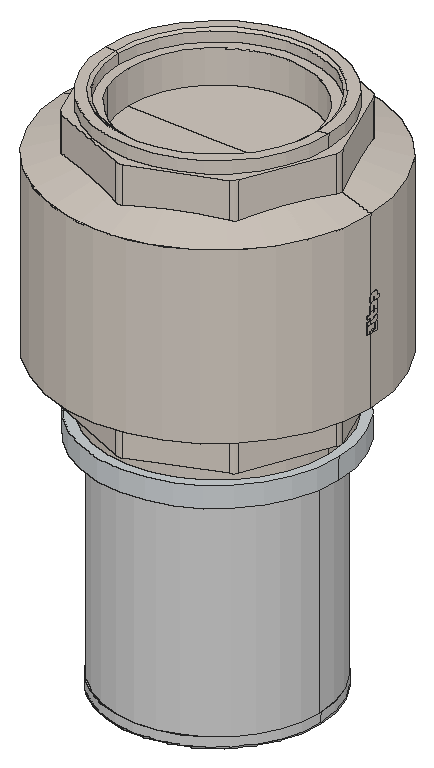
Revit family "105", category Pipe Accessories, Revit 2019
Family settings
  Round Connector Dimension = Use Diameter
  Part Type = Valve - Normal
  OmniClass Number = 23.45.00.00
  OmniClass Title = Sanitary, Laundry, and Cleaning Equipment
  Work Plane-Based = No
  Always vertical = Yes
  Cut with Voids When Loaded = No
  Shared = No
Parameters
  Y [instance] = size_lookup(CSV, "Y", 0 mm, DN)  # 7.2 mm
  X2 [instance] = size_lookup(CSV, "X2", 0 mm, DN)  # 57.5 mm
  X [instance] = size_lookup(CSV, "X", 0 mm, DN)  # 62.5 mm
  Washer = "NBR"  # constant formula
  URL = "https://www.itap.it/en/products/valves/check-and-foot-valves/105/"
  Strainer = "Polymer and stainless steel AISI 304"  # constant formula
  Spring = "Stainless steel AISI 302"  # constant formula
  Plate = "Stainless steel AISI 304"  # constant formula
  Pin = "Brass CW614N"  # constant formula
  Manufacturer = "ITAP S.p.A."  # constant formula
  Model = "105"
  LBS - psi [instance] = size_lookup(CSV, "LBS - psi", 0 mm, DN)  # 174 mm
  L3 [instance] = size_lookup(CSV, "L3", 0 mm, DN)  # 21.3 mm
  L2 [instance] = size_lookup(CSV, "L2", 0 mm, DN)  # 14 mm
  L1 [instance] = size_lookup(CSV, "L1", 0 mm, DN)  # 6.6 mm
  L [instance] = size_lookup(CSV, "L", 0 mm, DN)  # 21 mm
  Kg/cm2 bar [instance] = size_lookup(CSV, "Kg/cm2 bar", 0 mm, DN)  # 12 mm
  H7 [instance] = size_lookup(CSV, "H7", 0 mm, DN)  # 6 mm
  H6 [instance] = size_lookup(CSV, "H6", 0 mm, DN)  # 25 mm
  H5 [instance] = size_lookup(CSV, "H5", 0 mm, DN)  # 165.2 mm
  H4 [instance] = size_lookup(CSV, "H4", 0 mm, DN)  # 6.4 mm
  H3 [instance] = size_lookup(CSV, "H3", 0 mm, DN)  # 33.7 mm
  H2 [instance] = size_lookup(CSV, "H2", 0 mm, DN)  # 6 mm
  H1 [instance] = size_lookup(CSV, "H1", 0 mm, DN)  # 6.6 mm
  H [instance] = size_lookup(CSV, "H", 0 mm, DN)  # 134.4 mm
  G1 [instance] = size_lookup(CSV, "G1", 0 mm, DN)  # 55.3 mm
  D3 [instance] = size_lookup(CSV, "D3", 0 mm, DN)  # 58 mm
  D1 [instance] = D / 1.6  # 85 mm
  Bolt 8 [instance] = if(DN > 41 mm, 2 > 1, 1 > 2)  # yes
  Bolt 6 [instance] = not(Bolt 8)  # no
  Body = Brass CW617N
  End adapter = "Brass CW617N"  # constant formula
  Description = "EUROPA® FOOT VALVE"  # constant formula
  DN [instance] = 100 mm
  D2 [instance] = size_lookup(CSV, "D2", 0 mm, DN)  # 11.5 mm
  D [instance] = size_lookup(CSV, "D", 0 mm, DN)  # 136 mm
  Code [instance] = size_lookup(CSV, "", "-", DN)  # "1050400"
  Cap = "Brass CW614N"  # constant formula
  CSV = "ITAP"
  B2 [instance] = (B / 2) - 0.7 mm  # 85.3 mm
  B1 [instance] = size_lookup(CSV, "B2", 0 mm, DN)  # 128 mm
  B [instance] = size_lookup(CSV, "B", 0 mm, DN)  # 172 mm
  A [instance] = size_lookup(CSV, "A", 0 mm, DN)  # 297 mm
Reference planes
  plane 1 "Centro (Fronte/Retro)": y = 0
  plane 2: z = 0
  plane 3 "Centro (Sinistra/Destra)": x = 0
  plane 4: z = 148.5
  plane 5: z = -148.5
  plane 6: x = -86
  plane 7: x = 86
  plane 8: z = 141.9
  plane 9: z = 120.9
  plane 10: x = -64
  plane 11: x = 64
  plane 12: z = 16.7
  plane 13: z = -4.6
  plane 14: y = -86
  plane 15: y = 86
  plane 16: z = -128.25
  plane 17: z = 116.9
  plane 18: z = 123.5
  plane 19: x = -14.1
  plane 20: z = 20.1
  plane 21: x = -62.5
  plane 22: z = -17
  plane 23: z = -14.857
  plane 24: z = -11
  plane 25: z = -142.5
  plane 26: x = -57.5
  plane 27: x = -58
  plane 28: z = 14.1
  plane 29: z = 68.8
  plane 30: x = 85.3
  plane 31: x = -55.3
  plane 32: x = -50
  plane 33: x = 50
Forms (mm)
  Revolve 1, solid, material "Brass CW617N" <- "Body", detail levels fine
    sketch origin (0, 0, 0) x (1, 0, 0) y (0, 0, 1)
      loop
        line (0, 123.5) -> (-63.7, 123.5) -> (-86, 116.9) -> (-86, 20.1) -> (-63.99, 14.1) -> (0, 14.1) -> (0, 123.5)
      axis (0, 123.5) -> (0, 14.1)
    angle from 0 to 360
  Revolve 2, solid, material "polymer and Stainless steel AISI 304", detail levels fine
    sketch origin (0, 0, 0) x (1, 0, 0) y (0, 0, 1)
      loop
        line (-50, 16.7) -> (-62.5, 16.7) -> (-62.5, -14.857) -> (-57.5, -17) -> (-57.5, -142.5) -> (-50, -142.5) -> (-50, 16.7)
      axis (0, 16.7) -> (0, -142.5)
    angle from 0 to 360
  Extrusion 3, solid, material "Strainer cap", detail levels fine
    sketch origin (-100.521, -1524, 84.363) x (-1, 0, 0) y (0, -1, 0)
      loop
        circle (-100.521, -1524) r 68
      loop
        circle (-100.521, -1524) r 50
    from -95.362 to -106.862
  Revolve 4, solid, material "polymer and Stainless steel AISI 304", detail levels fine
    sketch origin (0, 0, 0) x (1, 0, 0) y (0, 0, 1)
      loop
        line (-50, -142.5) -> (-58, -142.5) -> (-58, -147.461)
        arc (-58, -147.461) -> (-57.696, -148.196) -> (-56.961, -148.5) r 1.039
        line (-56.961, -148.5) -> (-50, -148.5) -> (-50, -142.5)
      axis (0, -148.5) -> (0, -142.5)
    angle from 0 to 360
  Revolve 5, solid, material "Brass CW617N" <- "Body", detail levels fine
    sketch origin (0, 0, 0) x (1, 0, 0) y (0, 0, 1)
      loop
        line (-62.5, 148.5) -> (-62.5, 141.9) -> (-55.3, 141.9) -> (-55.3, 147.294) -> (-56.9, 148.5) -> (-62.5, 148.5)
      axis (0, 148.5) -> (0, 141.9)
    angle from 0 to 360
Lines and regions (mm)
  model lines, detail levels coarse+medium
    curve 1: line (0, -86, 56.9) -> (0, 86, 56.9)
    curve 2: line (0, 0, 63.5) -> (0, 0, 148.5)
    curve 3: line (0, -86, -56.9) -> (0, 86, -56.9)
    curve 4: line (0, -86, -63.5) -> (0, 86, -63.5)
    curve 5: line (0, 0, -63.5) -> (0, 0, -148.5)
    curve 6: line (0, -86, 63.5) -> (0, 86, 63.5)
    curve 7: line (0, -86, 56.9) -> (0, 86, -56.9)
    curve 8: line (0, -86, 56.9) -> (0, -86, -56.9)
    curve 9: line (0, 86, 56.9) -> (0, 86, -56.9)
Dimensions and locks
  equal spacing: plane 7, plane 3 "Centro (Sinistra/Destra)", plane 6
  "B": plane 7 to plane 6
  "A": plane 4 to plane 5
  equal spacing: plane 4, level, plane 5
  "L": plane 8 to plane 9
  equal spacing: plane 11, plane 3 "Centro (Sinistra/Destra)", plane 10
  "B1": plane 11 to plane 10
  "L3": plane 12 to plane 13
  "L1": plane 4 to plane 8
  "D2": Extrusion 3 to Extrusion 3
  equal spacing: plane 14, plane 1 "Centro (Fronte/Retro)", plane 15
  "B": plane 14 to plane 15
  locked: plane 16 to plane 5 at 20.25
  "D1": curve 6 to plane 4
  "L1": curve 1 to curve 6
  "D1": plane 5 to curve 4
  "L1": curve 4 to curve 3
  "H1": plane 18 to plane 17
  locked: plane 23 to plane 22 at 2.143
  "H3": plane 12 to plane 22
  "X": plane 3 "Centro (Sinistra/Destra)" to plane 21
  "H4": plane 13 to plane 24
  "H7": plane 25 to plane 5
  locked: Revolve 4 sketch curve to Revolve 4 sketch curve at 1.469
  "X2": plane 3 "Centro (Sinistra/Destra)" to plane 26
  "D3": plane 3 "Centro (Sinistra/Destra)" to plane 27
  "H2": plane 20 to plane 28
  "H5": plane 12 to plane 5
  "H": plane 4 to plane 28
  "H6": plane 4 to plane 18
  equal spacing: plane 9, plane 29, plane 12
  "B2": plane 3 "Centro (Sinistra/Destra)" to plane 30
  "G1": plane 3 "Centro (Sinistra/Destra)" to plane 31
  "Y": Revolve 5 sketch curve to Revolve 5 sketch curve
  equal spacing: plane 33, plane 3 "Centro (Sinistra/Destra)", plane 32
  "DN": plane 33 to plane 32
  "D": diameter of Extrusion 3 sketch curve
  "DN": diameter of Extrusion 3 sketch curve
  aligned and locked: level to plane 2
  aligned and locked: Revolve 2 sketch curve to plane 3 "Centro (Sinistra/Destra)"
  aligned and locked: Revolve 1 sketch curve to plane 6
  aligned and locked: curve 2 to plane 1 "Centro (Fronte/Retro)"
  aligned and locked: plane 1 "Centro (Fronte/Retro)" to curve 5
  aligned and locked: plane 15 to curve 6
  aligned and locked: plane 14 to curve 6
  aligned and locked: plane 14 to curve 4
  aligned and locked: plane 15 to curve 4
  aligned and locked: plane 5 to curve 5
  aligned and locked: plane 15 to curve 7
  aligned and locked: curve 3 to curve 9
  aligned and locked: curve 8 to plane 14
  aligned and locked: plane 15 to curve 9
  aligned and locked: plane 17 to Revolve 1 sketch curve
  aligned and locked: Revolve 1 sketch curve to plane 20
  aligned and locked: Revolve 2 sketch curve to plane 12
  aligned and locked: Revolve 2 sketch curve to plane 21
  aligned and locked: Extrusion 3 to plane 24
  aligned and locked: plane 25 to Revolve 2 sketch curve
  aligned and locked: plane 25 to Revolve 4 sketch curve
  aligned and locked: plane 26 to Revolve 2 sketch curve
  aligned and locked: plane 27 to Revolve 4 sketch curve
  aligned and locked: Revolve 1 sketch curve to plane 28
  aligned and locked: plane 12 to nested 2
  aligned and locked: plane 8 to nested 1
  aligned and locked: plane 12 to nested 4
  aligned and locked: plane 8 to nested 3
  aligned and locked: plane 29 to nested 5
  aligned and locked: Revolve 1 sketch curve to plane 18
  aligned and locked: Revolve 5 sketch curve to plane 31
  aligned and locked: Revolve 5 sketch curve to plane 4
  aligned and locked: plane 4 to Revolve 5 sketch curve
  aligned and locked: plane 32 to Revolve 4 sketch curve
  aligned and locked: Revolve 2 sketch curve to plane 32
  aligned and locked: plane 7 to nested 5
Automatic sketch dimensions
  curve 2 to plane 4 = 0 mm
  Revolve 1 sketch curve to plane 3 "Centro (Sinistra/Destra)" = 0 mm  (x2)
  Revolve 1 sketch curve to level = 0 mm
  Revolve 1 sketch curve to plane 4 = 0 mm
  plane 10 to Revolve 1 sketch curve = 0.01 mm
  plane 10 to Revolve 1 sketch curve = 0.3 mm
  Revolve 2 sketch curve to plane 5 = 0 mm
  Revolve 2 sketch curve to plane 22 = 0 mm
  Revolve 2 sketch curve to plane 23 = 0 mm
  Revolve 2 sketch curve to plane 13 = 0 mm
  Extrusion 3 sketch curve to Extrusion 3 sketch curve = 0 mm  (x2)
  plane 1 "Centro (Fronte/Retro)" to Extrusion 3 sketch curve = 0 mm
  Extrusion 3 sketch curve to plane 3 "Centro (Sinistra/Destra)" = 0 mm
  Revolve 4 sketch curve to plane 3 "Centro (Sinistra/Destra)" = 0 mm
  Revolve 4 sketch curve to plane 5 = 0 mm
  Revolve 4 sketch curve to plane 5 = 1.116 mm
  Revolve 4 sketch curve to Revolve 4 sketch curve = 3.884 mm
  Revolve 5 sketch curve to plane 3 "Centro (Sinistra/Destra)" = 0 mm
  Revolve 5 sketch curve to plane 8 = 0 mm  (x2)
  Revolve 5 sketch curve to plane 31 = 1.6 mm
  Revolve 5 sketch curve to plane 4 = 1.206 mm
  plane 4 to Revolve 5 sketch curve = 5 mm
Nested families
  nested 1: "BOLT6" at (-65.748, -132.31, 120.9) x (0.866, 0.5, 0) z (0, 0, 1), d <- "B1", H <- "L", visible <- "Bolt 6", body <- "Body", G <- "DN", type "BOLT6", detail levels fine
    with d 128 mm, body Brass CW617N, H 21 mm, G 100 mm
  nested 2: "BOLT6" at (-147.458, -9.216, -4.6) x (0.866, -0.5, 0) z (0, 0, 1), d <- "B1", H <- "L3", visible <- "Bolt 6", body <- "Body", G <- "DN", type "BOLT6", detail levels fine
    with d 128 mm, body Brass CW617N, H 21.3 mm, G 100 mm
  nested 3: "BOLT8" at (-11.355, -58.823, 120.9) x (0.9239, 0.3827, 0) z (0, 0, 1), d <- "B1", H <- "L", visible <- "Bolt 8", Body <- "Body", G <- "DN", type "BOLT8", detail levels fine
    with d 128 mm, H 21 mm, G 100 mm, Body Brass CW617N
  nested 4: "BOLT8" at (-11.355, -58.823, -4.6) x (0.9239, 0.3827, 0) z (0, 0, 1), d <- "B1", H <- "L3", visible <- "Bolt 8", Body <- "Body", G <- "DN", type "BOLT8", detail levels fine
    with d 128 mm, H 21.3 mm, G 100 mm, Body Brass CW617N
  nested 5: "Symbol" at (86, 0, 67.946) x (0, 1, 0) z (0, 0, 1), type "Symbol", detail levels fine
    with Body Brass CW617N
Connectors
  piping at (0, 0, 148.5), diameter 100, driven by "DN"
    settings: on Revolve 5, index 1, connector inside diameter 609.6 mm, connector length 0 mm, flow factor 0, pipe flow 0.0 L/s, pressure drop 0.0 Pa, fitting loss kfactor 0, connector angle 0.00°, fixture units 0, engagement length 0 mm, angle of deflection 0.00°, flow configuration 0, flow direction 0, fitting loss method 0, system type 7, joint type 0, gender type 0, connector reference index -1, connector utility 0, adjustable connector no, is connector primary yes, connector description ""
Definition of nested family "BOLT6"
  Parameters (values of type "BOLT6")
    body [instance] = none
    H [instance] = 40 mm
    d [instance] = 40 mm
    G [instance] = 20 mm
  Reference planes
    plane 1 "Center (Front/Back)": y = 0
    plane 2: z = 0
    plane 3 "Center (Left/Right)": x = 0
    plane 4: z = 40
    plane 5: x = 123.094
    plane 6: y = 81.71
    plane 7: through (105.594, 94.7, 1200) normal (-0.5, 0.866, 0)
    plane 8: through (123.094, 81.71, 1200) normal (-0.5, 0.866, 0)
    plane 9: through (111.245, 51.775, 1200) normal (-0.5, 0.866, 0)
    plane 10: x = 103.094
    plane 11: x = 143.094
    plane 12: through (105.594, 68.72, 1200) normal (0.5, 0.866, 0)
    plane 13: through (106.157, 91.489, 1200) normal (0.5, 0.866, 0)
    plane 14: through (116.157, 108.809, 1200) normal (0.5, 0.866, 0)
    plane 15: x = 121.094
    plane 16: x = 125.094
    plane 17: through (100.245, 70.827, 1200) normal (-0.5, 0.866, 0)
    plane 18: through (102.245, 67.363, 1200) normal (-0.5, 0.866, 0)
    plane 19: through (105.157, 89.757, 1200) normal (0.5, 0.866, 0)
    plane 20: through (107.157, 93.221, 1200) normal (0.5, 0.866, 0)
  Forms (mm)
    Extrusion 1, solid, material <- "body"
      sketch origin (0, 0, 0) x (1, 0, 0) y (0, 1, 0)
        loop
          line (143.094, 72.472) -> (143.094, 90.948)
          arc (143.094, 90.948) -> (142.558, 92.948) -> (141.094, 94.412) r 4
          line (141.094, 94.412) -> (125.094, 103.649)
          arc (125.094, 103.649) -> (123.094, 104.185) -> (121.094, 103.649) r 4
          line (121.094, 103.649) -> (105.094, 94.412)
          arc (105.094, 94.412) -> (103.63, 92.948) -> (103.094, 90.948) r 4
          line (103.094, 90.948) -> (103.094, 72.472)
          arc (103.094, 72.472) -> (103.63, 70.472) -> (105.094, 69.008) r 4
          line (105.094, 69.008) -> (121.094, 59.771)
          arc (121.094, 59.771) -> (123.094, 59.235) -> (125.094, 59.771) r 4
          line (125.094, 59.771) -> (141.094, 69.008)
          arc (141.094, 69.008) -> (142.558, 70.472) -> (143.094, 72.472) r 4
        loop
          circle (123.094, 81.71) r 10
      from 0 to 40
  Dimensions and locks
    "H": plane 4 to level
    equal spacing: plane 10, plane 5, plane 11
    equal spacing: plane 7, plane 8, plane 9
    equal spacing: plane 14, plane 13, plane 12
    "d": plane 10 to plane 11
    "d": plane 7 to plane 9
    "d": plane 14 to plane 12
    equal spacing: plane 15, plane 5, plane 16
    locked: plane 15 to plane 16 at 4
    equal spacing: plane 20, plane 13, plane 19
    locked: plane 20 to plane 19 at 4
    equal spacing: plane 17, plane 8, plane 18
    locked: plane 17 to plane 18 at 4
    "G": diameter of Extrusion 1 sketch curve
    aligned and locked: level to plane 2
    aligned and locked: Extrusion 1 to level
    aligned and locked: Extrusion 1 to plane 4
    aligned and locked: plane 7 to Extrusion 1 sketch curve
    aligned and locked: plane 14 to Extrusion 1 sketch curve
    aligned and locked: plane 11 to Extrusion 1 sketch curve
    aligned and locked: Extrusion 1 sketch curve to plane 9
    aligned and locked: Extrusion 1 sketch curve to plane 12
    aligned and locked: plane 10 to Extrusion 1 sketch curve
  Automatic sketch dimensions
    Extrusion 1 sketch curve to plane 20 = 0 mm  (x2)
    Extrusion 1 sketch curve to plane 18 = 0 mm  (x2)
    Extrusion 1 sketch curve to plane 15 = 0 mm  (x2)
    Extrusion 1 sketch curve to plane 5 = 0 mm
    Extrusion 1 sketch curve to plane 16 = 0 mm  (x2)
    Extrusion 1 sketch curve to plane 17 = 0 mm  (x2)
    Extrusion 1 sketch curve to plane 19 = 0 mm  (x2)
    Extrusion 1 sketch curve to plane 6 = 0 mm
    Extrusion 1 sketch curve to Extrusion 1 sketch curve = 3.464 mm  (x2)
Definition of nested family "BOLT8"
  Parameters (values of type "BOLT8")
    d [instance] = 50 mm
    H [instance] = 20 mm
    G [instance] = 28.424 mm
    Body [instance] = none
  Reference planes
    plane 1 "Center (Front/Back)": y = 0
    plane 2: z = 0
    plane 3 "Center (Left/Right)": x = 0
    plane 4: x = 8.002
    plane 5: x = 58.002
    plane 6: y = 75
    plane 7: y = 25
    plane 8: through (33.002, 50, 1222.374) normal (-0.7071, 0.7071, 0)
    plane 9: through (0.324, 52.678, 1222.374) normal (-0.7071, 0.7071, 0)
    plane 10: through (35.679, 17.322, 1222.374) normal (-0.7071, 0.7071, 0)
    plane 11: through (18.002, 65, 1222.374) normal (0.7071, 0.7071, 0)
    plane 12: through (0.324, 47.322, 1222.374) normal (0.7071, 0.7071, 0)
    plane 13: through (35.679, 82.678, 1222.374) normal (0.7071, 0.7071, 0)
    plane 14: y = 50
    plane 15: x = 33.002
    plane 16: z = 20
    plane 17: through (26.788, 65, 1200) normal (0.9239, 0.3827, 0)
    plane 18: through (39.215, 65, 1200) normal (0.9239, -0.3827, 0)
    plane 19: through (48.002, 56.213, 1200) normal (0.3827, -0.9239, 0)
    plane 20: through (48.002, 43.787, 1200) normal (-0.3827, -0.9239, 0)
    plane 21: through (54.483, 38.937, 1200) normal (-0.3827, -0.9239, 0)
    plane 22: through (56.014, 42.633, 1200) normal (-0.3827, -0.9239, 0)
    plane 23: through (69.98, 63.152, 1200) normal (0.3827, -0.9239, 0)
    plane 24: through (68.449, 66.848, 1200) normal (0.3827, -0.9239, 0)
    plane 25: through (41.319, 75.307, 1200) normal (0.9239, -0.3827, 0)
    plane 26: through (45.015, 73.776, 1200) normal (0.9239, -0.3827, 0)
    plane 27: through (25.152, 74.177, 1200) normal (0.9239, 0.3827, 0)
    plane 28: through (21.456, 72.646, 1200) normal (0.9239, 0.3827, 0)
  Forms (mm)
    Extrusion 1, solid, material <- "Body"
      sketch origin (33.002, 50, 22.374) x (1, 0, 0) y (0, 1, 0)
        loop
          arc (-23.469, 11.886) -> (-24.602, 10.191) -> (-25, 8.191) r 5.226
          line (-25, 8.191) -> (-25, -8.191)
          arc (-25, -8.191) -> (-24.602, -10.191) -> (-23.469, -11.886) r 5.226
          line (-23.469, -11.886) -> (-11.886, -23.469)
          arc (-11.886, -23.469) -> (-10.191, -24.602) -> (-8.191, -25) r 5.226
          line (-8.191, -25) -> (8.191, -25)
          arc (8.191, -25) -> (10.191, -24.602) -> (11.886, -23.469) r 5.226
          line (11.886, -23.469) -> (23.469, -11.886)
          arc (23.469, -11.886) -> (24.602, -10.191) -> (25, -8.191) r 5.226
          line (25, -8.191) -> (25, 8.191)
          arc (25, 8.191) -> (24.602, 10.191) -> (23.469, 11.886) r 5.226
          line (23.469, 11.886) -> (11.886, 23.469)
          arc (11.886, 23.469) -> (10.191, 24.602) -> (8.191, 25) r 5.226
          line (8.191, 25) -> (-8.191, 25)
          arc (-8.191, 25) -> (-10.191, 24.602) -> (-11.886, 23.469) r 5.226
          line (-11.886, 23.469) -> (-23.469, 11.886)
        loop
          circle (0, 0) r 14.212
      from -2.374 to -22.374
  Dimensions and locks
    equal spacing: plane 9, plane 8, plane 10
    equal spacing: plane 13, plane 11, plane 12
    equal spacing: plane 6, plane 14, plane 7
    equal spacing: plane 5, plane 15, plane 4
    "d": plane 5 to plane 4
    "d": plane 9 to plane 10
    "d": plane 13 to plane 12
    "d": plane 6 to plane 7
    "H": plane 16 to level
    "G": diameter of Extrusion 1 sketch curve
    aligned and locked: level to plane 2
    aligned and locked: Extrusion 1 sketch curve to plane 6
    aligned and locked: Extrusion 1 sketch curve to plane 4
    aligned and locked: Extrusion 1 sketch curve to plane 12
    aligned and locked: plane 9 to Extrusion 1 sketch curve
    aligned and locked: plane 13 to Extrusion 1 sketch curve
    aligned and locked: plane 5 to Extrusion 1 sketch curve
    aligned and locked: Extrusion 1 sketch curve to plane 10
    aligned and locked: plane 7 to Extrusion 1 sketch curve
    aligned and locked: Extrusion 1 to level
    aligned and locked: plane 16 to Extrusion 1
    aligned and locked: Extrusion 1 sketch curve to plane 21
    aligned and locked: Extrusion 1 sketch curve to plane 22
    aligned and locked: plane 24 to Extrusion 1 sketch curve  (x2)
    aligned and locked: plane 23 to Extrusion 1 sketch curve  (x2)
    aligned and locked: plane 25 to Extrusion 1 sketch curve  (x2)
    aligned and locked: plane 26 to Extrusion 1 sketch curve  (x2)
    aligned and locked: plane 28 to Extrusion 1 sketch curve  (x2)
    aligned and locked: plane 27 to Extrusion 1 sketch curve  (x2)
    aligned and locked: plane 21 to Extrusion 1 sketch curve
    aligned and locked: plane 22 to Extrusion 1 sketch curve
  Automatic sketch dimensions
    Extrusion 1 sketch curve to plane 8 = 0 mm
    Extrusion 1 sketch curve to plane 11 = 0 mm
Definition of nested family "Symbol"
  Parameters (values of type "Symbol")
    Body [instance] = none
  Reference planes
    plane 1 "Center (Front/Back)": y = 0
    plane 2: z = 0
    plane 3 "Center (Left/Right)": x = 0
    plane 4: y = 0
    plane 5: x = 0
  Forms (mm)
    Extrusion 1, solid, material <- "Body"
      sketch origin (-14.683, 0, 1200) x (-1, 0, 0) y (0, 0, 1)
        loop
          line (-11.395, -1205.385) -> (-11.395, -1203.896) -> (-12.868, -1203.896) -> (-12.868, -1205.385) -> (-11.395, -1205.385)
        loop
          line (-13.322, -1205.385) -> (-13.322, -1203.896) -> (-15.689, -1203.896)
          arc (-15.689, -1203.896) -> (-16.099, -1203.726) -> (-16.268, -1203.317) r 0.579
          line (-16.268, -1203.317) -> (-16.268, -1202.376) -> (-17.719, -1202.376) -> (-17.719, -1203.709)
          arc (-17.719, -1203.709) -> (-17.228, -1204.894) -> (-16.043, -1205.385) r 1.676
          line (-16.043, -1205.385) -> (-13.322, -1205.385)
        loop
          line (-11.395, -1202.19) -> (-11.395, -1200.64) -> (-13.322, -1200.64) -> (-13.322, -1199.708)
          arc (-13.322, -1199.708) -> (-13.487, -1199.311) -> (-13.885, -1199.146) r 0.562
          line (-13.885, -1199.146) -> (-14.842, -1199.146) -> (-14.842, -1200.64) -> (-15.707, -1200.64)
          arc (-15.707, -1200.64) -> (-16.104, -1200.476) -> (-16.268, -1200.079) r 0.561
          line (-16.268, -1200.079) -> (-16.268, -1199.146) -> (-17.719, -1199.146) -> (-17.719, -1200.141)
          arc (-17.719, -1200.141) -> (-17.119, -1201.59) -> (-15.67, -1202.19) r 2.049
          line (-15.67, -1202.19) -> (-14.842, -1202.19) -> (-14.842, -1203.65) -> (-13.322, -1203.65) -> (-13.322, -1202.19) -> (-11.395, -1202.19)
        loop
          line (-14.842, -1198.914) -> (-13.89, -1198.914)
          arc (-13.89, -1198.914) -> (-13.489, -1198.748) -> (-13.322, -1198.347) r 0.568
          line (-13.322, -1198.347) -> (-13.322, -1197.078)
          arc (-13.322, -1197.078) -> (-14.012, -1195.414) -> (-15.676, -1194.724) r 2.354
          line (-15.676, -1194.724) -> (-17.147, -1194.724)
          arc (-17.147, -1194.724) -> (-17.551, -1194.892) -> (-17.719, -1195.296) r 0.571
          line (-17.719, -1195.296) -> (-17.719, -1198.914) -> (-16.268, -1198.914) -> (-16.268, -1196.234)
          arc (-16.268, -1196.234) -> (-15.289, -1196.406) -> (-14.842, -1197.295) r 1.108
          line (-14.842, -1197.295) -> (-14.842, -1198.914)
        loop
          line (-14.842, -1194.491) -> (-13.89, -1194.491)
          arc (-13.89, -1194.491) -> (-13.489, -1194.324) -> (-13.322, -1193.923) r 0.568
          line (-13.322, -1193.923) -> (-13.322, -1192.576)
          arc (-13.322, -1192.576) -> (-14.012, -1190.912) -> (-15.676, -1190.223) r 2.354
          line (-15.676, -1190.223) -> (-17.147, -1190.223)
          arc (-17.147, -1190.223) -> (-17.551, -1190.39) -> (-17.719, -1190.794) r 0.571
          line (-17.719, -1190.794) -> (-17.719, -1193.04) -> (-19.363, -1193.04) -> (-19.363, -1194.491) -> (-16.268, -1194.491) -> (-16.268, -1191.732)
          arc (-16.268, -1191.732) -> (-15.289, -1191.904) -> (-14.842, -1192.793) r 1.108
          line (-14.842, -1192.793) -> (-14.842, -1194.491)
        loop
          line (-17.719, -1205.63) -> (-17.719, -1209.977) -> (-11.395, -1209.977) -> (-11.395, -1205.63) -> (-17.719, -1205.63)
        loop
          line (-11.918, -1209.663) -> (-11.918, -1207.895) -> (-13.072, -1207.895)
          arc (-13.072, -1207.895) -> (-13.068, -1208.397) -> (-13.36, -1208.806) r 0.812
          arc (-13.36, -1208.806) -> (-13.551, -1209.235) -> (-13.36, -1209.663) r 0.575
          line (-13.36, -1209.663) -> (-11.918, -1209.663)
        loop
          line (-15.475, -1207.895) -> (-15.475, -1205.823) -> (-17.118, -1205.823) -> (-17.118, -1207.947)
          arc (-17.118, -1207.947) -> (-16.615, -1209.16) -> (-15.402, -1209.663) r 1.715
          line (-15.402, -1209.663) -> (-13.713, -1209.663)
          arc (-13.713, -1209.663) -> (-13.97, -1209.154) -> (-13.713, -1208.645) r 0.632
          arc (-13.713, -1208.645) -> (-13.483, -1208.304) -> (-13.521, -1207.895) r 0.612
          line (-13.521, -1207.895) -> (-15.475, -1207.895)
      from -0.7 to 0.3
  Dimensions and locks
    aligned and locked: level to plane 2
